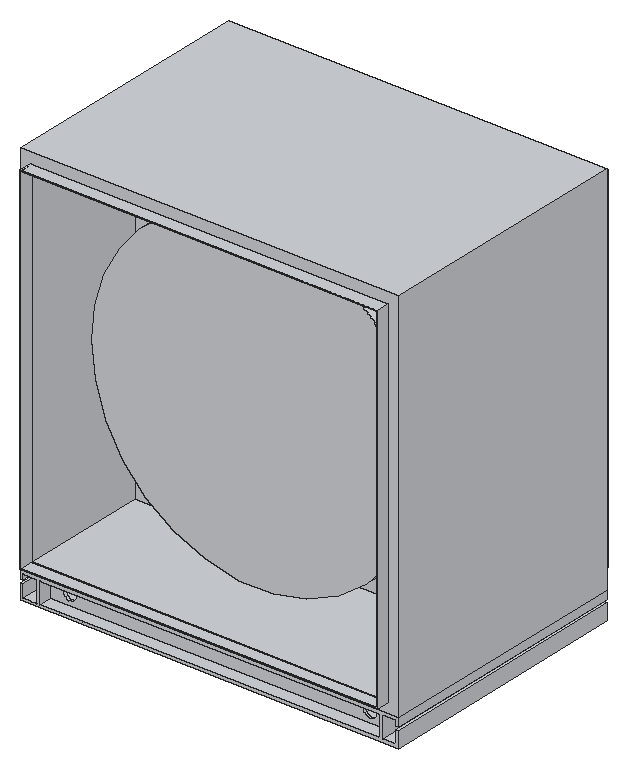
Revit family "BVN_ARMO-C", category Mechanical Equipment, host Face, Revit 2019
Family settings
  Host = Face
  Round Connector Dimension = Use Diameter
  Part Type = Normal
  Cut with Voids When Loaded = No
  Shared = No
  Room Calculation Point = No
Parameters (values of type "ARMO-C 1250-9/15-6A")
  y = HH' / 2  # 50 mm
  x = 50 mm  # constant formula
  b = (W - B) / 2  # 40.5 mm
  a = b  # 40.5 mm
  W = 1400 mm
  URL = "http://www.bahcivanmotor.com.tr/index.php"
  Speed(d/d) = 965
  QD' = -QD  # -266.25 mm
  QD = L / 4  # 266.25 mm
  Q = B - 100 mm  # 1219 mm
  Wing Angle (Degree) = 28
  Power = 15000 W
  Model = "ARMO-C"
  Material = none
  Manufacturer = "Bahçıvan Elektrik Motor San. ve Tic. Ltd. Şti."
  L'' = -L'  # -482.5 mm
  L' = (L - 2 * x) / 2  # 482.5 mm
  L = 1065 mm
  HH' = H - A - 2 * b  # 100 mm
  H = 1500 mm
  Description = "Smoke Exhaust Fan"
  Default Elevation = 1219.2 mm
  Current = 29 A
  B = 1319 mm
  Air Flow = 105000 m³/h
  A = 1319 mm
Types (22, lengths in mm): name | y | b | a | W | Speed(d/d) | QD' | QD | Q | Wing Angle (Degree) | Power | L'' | L' | L | HH' | H | Current | B | Air Flow | A
  (no name) | 50 | 40.5 | 40.5 | 1400 | 965 | -266.25 | 266.25 | 1219 | 28 | 15000 W | -482.5 | 482.5 | 1065 | 100 | 1500 | 29 A | 1319 | 105000 m³/h | 1319
  ARMO-C 400-6/1,5-2A | 36 | 39 | 39 | 568 | 2900 | -148 | 148 | 390 | 30 | 1500 W | -246 | 246 | 592 | 72 | 640 | 3.4 A | 490 | 8978 m³/h | 490
  ARMO-C 450-6/3-2A | 36 | 39 | 39 | 568 | 2900 | -148 | 148 | 390 | 28 | 3000 W | -246 | 246 | 592 | 72 | 640 | 6 A | 490 | 13545 m³/h | 490
  ARMO-C 500-6/4-2A | 33 | 42 | 42 | 620 | 2900 | -148 | 148 | 436 | 26 | 4000 W | -246 | 246 | 592 | 66 | 686 | 7.4 A | 536 | 17325 m³/h | 536
  ARMO-C 560-6/7,5-2A | 34 | 41.5 | 41.5 | 707 | 2800 | -186.25 | 186.25 | 524 | 24 | 7500 W | -322.5 | 322.5 | 745 | 68 | 775 | 13.3 A | 624 | 25725 m³/h | 624
  ARMO-C 710-6/4-4A | 34 | 41.5 | 41.5 | 857 | 1415 | -227.5 | 227.5 | 674 | 32 | 4000 W | -405 | 405 | 910 | 68 | 925 | 8.2 A | 774 | 31500 m³/h | 774
  ARMO-C 800-9/11-4A | 37.5 | 42.5 | 42.5 | 950 | 1415 | -227.5 | 227.5 | 765 | 20 | 4000 W | -405 | 405 | 910 | 75 | 1025 | 8.2 A | 865 | 29400 m³/h | 865
  ARMO-C 900-9/15-4A | 37.5 | 42.5 | 42.5 | 1050 | 1450 | -266.25 | 266.25 | 865 | 32 | 15000 W | -482.5 | 482.5 | 1065 | 75 | 1125 | 29.3 A | 965 | 63525 m³/h | 965
  ARMO-C 1000-9/30-4A | 50 | 40.5 | 40.5 | 1150 | 1460 | -266.25 | 266.25 | 969 | 32 | 30000 W | -482.5 | 482.5 | 1065 | 100 | 1250 | 55 A | 1069 | 86100 m³/h | 1069
  ARMO-C 1250-9/45-4A | 50 | 40.5 | 40.5 | 1400 | 1475 | -266.25 | 266.25 | 1219 | 24 | 45000 W | -482.5 | 482.5 | 1065 | 100 | 1500 | 80 A | 1319 | 138800 m³/h | 1319
  ARMO-C 630-6/5,5-2A | 34 | 41.5 | 41.5 | 777 | 2900 | -186.25 | 186.25 | 594 | 10 | 5500 W | -322.5 | 322.5 | 745 | 68 | 845 | 11 A | 694 | 20475 m³/h | 694
  ARMO-C 500-6/1,1-4A | 33 | 42 | 42 | 620 | 1400 | -148 | 148 | 436 | 38 | 1100 W | -246 | 246 | 592 | 66 | 686 | 2.6 A | 536 | 12600 m³/h | 536
  ARMO-C 560-6/2,2-4A | 34 | 41.5 | 41.5 | 707 | 1410 | -186.25 | 186.25 | 524 | 38 | 2200 W | -322.5 | 322.5 | 745 | 68 | 775 | 5 A | 624 | 17850 m³/h | 624
  ARMO-C 630-6/3-4A | 34 | 41.5 | 41.5 | 777 | 1410 | -186.25 | 186.25 | 594 | 36 | 3000 W | -322.5 | 322.5 | 745 | 68 | 845 | 6.6 A | 694 | 24150 m³/h | 694
  ARMO-C 500-6/0.37-6A | 33 | 42 | 42 | 620 | 900 | -148 | 148 | 436 | 38 | 370 W | -246 | 246 | 592 | 66 | 686 | 1.1 A | 536 | 8400 m³/h | 536
  ARMO-C 560-6/0,55-6A | 34 | 41.5 | 41.5 | 707 | 930 | -186.25 | 186.25 | 524 | 28 | 550 W | -322.5 | 322.5 | 745 | 68 | 775 | 1.5 A | 624 | 13650 m³/h | 624
  ARMO-C 630-6/1,1-6A | 34 | 41.5 | 41.5 | 777 | 945 | -186.25 | 186.25 | 594 | 38 | 1100 W | -322.5 | 322.5 | 745 | 68 | 845 | 2.9 A | 694 | 16800 m³/h | 694
  ARMO-C 710-6/4-6A | 34 | 41.5 | 41.5 | 857 | 955 | -227.5 | 227.5 | 674 | 32 | 4000 W | -405 | 405 | 910 | 68 | 925 | 9 A | 774 | 21000 m³/h | 774
  ARMO-C 800-9/3-6A | 37.5 | 42.5 | 42.5 | 950 | 950 | -227.5 | 227.5 | 765 | 32 | 3000 W | -405 | 405 | 910 | 75 | 1025 | 6.9 A | 865 | 28350 m³/h | 865
  ARMO-C 900-9/4-6A | 37.5 | 42.5 | 42.5 | 1050 | 955 | -266.25 | 266.25 | 865 | 30 | 4000 W | -482.5 | 482.5 | 1065 | 75 | 1125 | 9 A | 965 | 39900 m³/h | 965
  ARMO-C 1000-9/7,5-6A | 50 | 40.5 | 40.5 | 1150 | 960 | -266.25 | 266.25 | 969 | 32 | 5500 W | -482.5 | 482.5 | 1065 | 100 | 1250 | 15 A | 1069 | 57750 m³/h | 1069
  ARMO-C 1250-9/15-6A | 50 | 40.5 | 40.5 | 1400 | 965 | -266.25 | 266.25 | 1219 | 28 | 15000 W | -482.5 | 482.5 | 1065 | 100 | 1500 | 29 A | 1319 | 105000 m³/h | 1319
Reference planes
  plane 1 "Center (Front/Back)": y = 0
  plane 2: z = 0
  plane 3 "Center (Left/Right)": x = 0
Forms (mm)
  Extrusion 1, solid
    sketch origin (0, 0, 0) x (1, 0, 0) y (0, 0, 1)
      loop
        line (-700, 0) -> (700, 0) -> (700, 58) -> (690, 58) -> (690, 10) -> (640, 10) -> (640, 90) -> (690, 90) -> (690, 70) -> (700, 70) -> (700, 100) -> (-700, 100) -> (-700, 70) -> (-690, 70) -> (-690, 90) -> (-640, 90) -> (-640, 10) -> (-690, 10) -> (-690, 58) -> (-700, 58) -> (-700, 0)
      loop
        line (-630, 90) -> (-630, 10) -> (630, 10) -> (630, 90) -> (-630, 90)
    from -482.5 <- "L''" to 482.5 <- "L'"
  Extrusion 2, solid
    sketch origin (0, 0, 0) x (1, 0, 0) y (0, 0, 1)
      loop
        line (-700, 100) -> (700, 100) -> (700, 1500) -> (-700, 1500) -> (-700, 100)
      loop
        line (-659.5, 1459.5) -> (-659.5, 140.5) -> (659.5, 140.5) -> (659.5, 1459.5) -> (-659.5, 1459.5)
    from -482.5 <- "L''" to 482.5 <- "L'"
  Extrusion 3, solid
    sketch origin (0, -482.5, 0) x (1, 0, 0) y (0, 0, 1)
      loop
        line (-659.5, 1459.5) -> (-659.5, 140.5) -> (659.5, 140.5) -> (659.5, 1459.5) -> (-659.5, 1459.5)
      loop
        line (-661.5, 1461.5) -> (-661.5, 138.5) -> (661.5, 138.5) -> (661.5, 1461.5) -> (-661.5, 1461.5)
    from 0 to 50 <- "x"
  Extrusion 4, solid
    sketch origin (0, 482.5, 0) x (-1, 0, 0) y (0, 0, 1)
      loop
        line (659.5, 140.5) -> (659.5, 1459.5) -> (-659.5, 1459.5) -> (-659.5, 140.5) -> (659.5, 140.5)
      loop
        line (661.5, 1461.5) -> (-661.5, 1461.5) -> (-661.5, 138.5) -> (661.5, 138.5) -> (661.5, 1461.5)
    from 0 to 50 <- "x"
  Extrusion 5, solid
    sketch origin (0, 0, 0) x (1, 0, 0) y (0, 0, 1)
      loop
        line (659.5, 140.5) -> (659.5, 1459.5) -> (-659.5, 1459.5) -> (-659.5, 140.5) -> (659.5, 140.5)
    from -5 to 5
  Extrusion 6, solid
    sketch origin (0, 0, 0) x (1, 0, 0) y (0, 0, 1)
      loop
        circle (0, 800) r 609.5
    from -266.25 <- "QD'" to 266.25 <- "QD"
  Extrusion 7, solid
    sketch origin (-630, 0, 90) x (0, 0, -1) y (0, 1, 0)
      loop
        line (80, -422.5) -> (0, -422.5) -> (0, -432.5) -> (80, -432.5) -> (80, -422.5)
      loop
        line (80, 432.5) -> (0, 432.5) -> (0, 422.5) -> (80, 422.5) -> (80, 432.5)
    from 0 to 1260
  Extrusion 8, void
    sketch origin (0, 0, 0) x (1, 0, 0) y (0, 0, 1)
      loop
        circle (-555, 50) r 25
      loop
        circle (555, 50) r 25
    from -1000 to 1000
Cuts and joins
  Extrusion 8 cuts Extrusion 1
  Extrusion 8 cuts Extrusion 7
Dimensions and locks
  locked: Extrusion 1 sketch curve to Extrusion 1 sketch curve at 10  (x6)
  Extrusion 1 sketch curve to Extrusion 1 sketch curve = 30 mm
  locked: Extrusion 1 sketch curve to Extrusion 1 sketch curve at 50  (x2)
  equal spacing: Extrusion 1 sketch curve, plane 3 "Center (Left/Right)", Extrusion 1 sketch curve
  "W": Extrusion 1 sketch curve to Extrusion 1 sketch curve
  "HH'": Extrusion 1 sketch curve to host face
  "a": Extrusion 2 sketch curve to Extrusion 2 sketch curve  (x2)
  "b": Extrusion 2 sketch curve to Extrusion 2 sketch curve
  "b": Extrusion 2 sketch curve to Extrusion 1
  "A": Extrusion 2 sketch curve to Extrusion 2 sketch curve
  locked: Extrusion 2 to Extrusion 3 sketch curve at 2  (x3)
  locked: Extrusion 3 sketch curve to Extrusion 2 at 2
  equal spacing: Extrusion 3, Extrusion 6 sketch curve, Extrusion 3  (x2)
  locked: Extrusion 7 sketch curve to Extrusion 7 sketch curve at 10  (x2)
  locked: Extrusion 1 to Extrusion 7 sketch curve at 50
  locked: Extrusion 7 sketch curve to Extrusion 1 at 50
  locked: Extrusion 8 sketch curve to Extrusion 1 at 50  (x2)
  equal spacing: Extrusion 1, Extrusion 8 sketch curve, Extrusion 1  (x2)
  equal spacing: Extrusion 3, plane 3 "Center (Left/Right)", Extrusion 3
  "Q": diameter of Extrusion 6 sketch curve
  "y": diameter of Extrusion 8 sketch curve  (x2)
  aligned and locked: plane 2 to host face
  aligned and locked: level to host face
  aligned and locked: Extrusion 1 sketch curve to Extrusion 1 sketch curve  (x9)
  aligned and locked: Extrusion 1 sketch curve to host face
  aligned and locked: Extrusion 1 to Extrusion 2 sketch curve
  aligned and locked: Extrusion 2 sketch curve to Extrusion 1
  aligned and locked: Extrusion 3 sketch curve to Extrusion 2  (x3)
  aligned and locked: Extrusion 4 sketch curve to Extrusion 2  (x3)
  aligned and locked: Extrusion 3 to Extrusion 4 sketch curve
  aligned and locked: Extrusion 4 sketch curve to Extrusion 3  (x2)
  aligned and locked: Extrusion 5 sketch curve to Extrusion 3  (x4)
  aligned and locked: Extrusion 1 to Extrusion 7 sketch curve  (x2)
  aligned and locked: Extrusion 7 sketch curve to Extrusion 1  (x2)
  aligned and locked: Extrusion 7 to Extrusion 1
  aligned and locked: Extrusion 2 sketch curve to cut or joined group of Extrusion 1, Extrusion 8
Automatic sketch dimensions
  host sketch curve to host sketch curve = 2438.4 mm  (x2)
  Extrusion 3 sketch curve to Extrusion 3 sketch curve = 2 mm
  Extrusion 4 sketch curve to Extrusion 4 sketch curve = 2 mm
  Extrusion 4 sketch curve to Extrusion 2 = 0 mm
  Extrusion 1 sketch curve to Extrusion 1 sketch curve = 12 mm  (x2)
